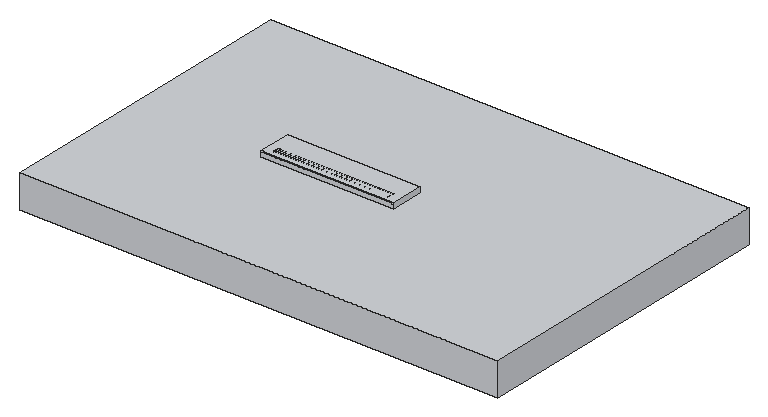
Revit family
Parameters
  Width = 1' - 0"
  URL = "www.coldspringgranite.com"
  TypicalJointSize = 0' - 0 1/4"
  StopCarborundumRight = 0' - 3"
  StopCarborundumLeft = 0' - 3"
  StoneMaterial = none
  SettingSpace = AirGap + Height  # 0' - 2 15/16"
  RightCarborundumVisibilityOn = not(RightCarborundumVisibilityOff)  # no
  RightCarborundumVisibilityOff = StopCarborundumRight > 0' 0"  # yes
  Product Name = "Stair Tread Stone for Veneered Application - Square Front Edge with Three Carborundum Strips"
  Product Documentation Link = "http://www.coldspringgranite.com/BIM_Families/Family_Detail/Stair_Tread_Stone_for_Veneered_Application_–_Square_Front_Edge_with_Three_Carborundum_Strips/"
  PhoneNumber = "800-551-7502"
  Notes = ""
  NosingRadius = 0' - 0 1/4"
  Model = "N/A"
  Manufacturer = "Cold Spring Granite Company"
  Low Emitting Material = yes
  Low Emitting Finish = yes
  Location = "17482 Granite West Road, Cold Spring, MN 56320-4578"
  Length = 4' - 0"
  LeftCarborundumVisibilityOff = StopCarborundumLeft > 0' 0"  # yes
  LEED Credit = ""
  Keynote = "096340"
  JointRightOff = no
  JointRight = if(JointRightOff, 0' 0", TypicalJointSize / 2)  # 0' - 0 1/8"
  JointLeftOff = no
  JointLeft = if(JointLeftOff, 0' 0", TypicalJointSize / 2)  # 0' - 0 1/8"
  Height = 0' - 1 15/16"
  Description = "Stone Stair Tread Veneer Square Triple Carborundum"
  Default Elevation = 0' - 0"
  CarborundumWidth = 0' - 0 3/8"
  LeftCarborundumVisibilityOn = not(LeftCarborundumVisibilityOff)  # no
  CarborundumSpacing = 0' - 0 1/2"
  CarborundumSetBack = 0' - 2"
  CarborundumDepth = 0' - 0 1/4"
  Assembly Code = "C2010100"
  AirGap = 0' - 1"
  ADA Compliant = yes
Reference planes (in)
  plane 1 "Center (Front/Back)": y = 0
  plane 2: z = 0
  plane 3 "Center (Left/Right)": x = 0
  plane 4 "StoneLeft": x = 0.125
  plane 5 "StoneRight": x = 47.875
  plane 6 "Right": x = 48
  plane 7 "CarborundumLeft": x = 3.125
  plane 8 "CarborundumRight": x = 44.875
  plane 9 "StoneBack": y = 12
  plane 10 "StoneFace": z = 2.9375
  plane 11 "CarborundumBottom": z = 2.6875
  plane 12 "StoneBottom": z = 1
  plane 13 "FirstCarborundumFront": y = 2
  plane 14 "FirstCarborundumBack": y = 2.375
  plane 15 "SecondCarborundumFront": y = 2.875
  plane 16 "SecondCarborundumBack": y = 3.25
  plane 17 "ThirdCarborundumFront": y = 3.75
  plane 18 "ThirdCarborundumBack": y = 4.125
Forms (in)
  Extrusion 1, solid
    sketch origin (0, 0, 0) x (1, 0, 0) y (0, 1, 0)
      loop
        line (-48, 64.5) -> (-48, -48) -> (124.0595, -48) -> (124.0595, 64.5) -> (-48, 64.5)
    from 0 to -12
  Extrusion 2, solid, material <- "StoneMaterial", detail levels medium+fine
    sketch origin (0, 0, 0) x (0, 1, 0) y (0, 0, 1)
      loop
        line (12, 2.9375) -> (0.25, 2.9375)
        arc (0.25, 2.9375) -> (0.07322, 2.86428) -> (0, 2.6875) r 0.25
        line (0, 2.6875) -> (0, 1) -> (12, 1) -> (12, 2.9375)
    from 0.125 to 47.875
  Extrusion 3, void
    sketch origin (0, 0, 0) x (0, 1, 0) y (0, 0, 1)
      loop
        line (2.375, 2.9375) -> (2, 2.9375) -> (2, 2.6875) -> (2.375, 2.6875) -> (2.375, 2.9375)
      loop
        line (3.25, 2.9375) -> (2.875, 2.9375) -> (2.875, 2.6875) -> (3.25, 2.6875) -> (3.25, 2.9375)
      loop
        line (4.125, 2.9375) -> (3.75, 2.9375) -> (3.75, 2.6875) -> (4.125, 2.6875) -> (4.125, 2.9375)
    from 3.125 to 44.875
  Extrusion 4, solid, material <- "StoneMaterial", detail levels coarse
    sketch origin (0, 0, 0) x (0, 1, 0) y (0, 0, 1)
      loop
        line (12, 2.9375) -> (0, 2.9375) -> (0, 1) -> (12, 1) -> (12, 2.9375)
    from 0 to 48
Cuts and joins
  Extrusion 3 cuts Extrusion 2
Lines and regions (in)
  Masking region 1, detail levels coarse
    outline origin (0, 0, 0) x (1, 0, 0) y (0, 1, 0)
      loop
        line (0, 12) -> (0, 0) -> (48, 0) -> (48, 12) -> (0, 12)
  Masking region 2, detail levels medium+fine
    outline origin (0, 0, 0) x (1, 0, 0) y (0, 1, 0)
      loop
        line (0.125, 12) -> (0.125, 0) -> (47.875, 0) -> (47.875, 12) -> (0.125, 12)
  Masking region 3, detail levels coarse
    outline origin (0, 0, 0) x (1, 0, 0) y (0, 0, 1)
      loop
        line (0, 2.9375) -> (0, 1) -> (48, 1) -> (48, 2.9375) -> (0, 2.9375)
  Masking region 4, detail levels medium+fine
    outline origin (0, 0, 0) x (1, 0, 0) y (0, 0, 1)
      loop
        line (0.125, 2.9375) -> (0.125, 1) -> (47.875, 1) -> (47.875, 2.9375) -> (0.125, 2.9375)
  Masking region 5, detail levels coarse
    outline origin (0, 0, 0) x (0, 1, 0) y (0, 0, 1)
      loop
        line (12, 2.9375) -> (0, 2.9375) -> (0, 1) -> (12, 1) -> (12, 2.9375)
  Masking region 6, detail levels fine
    outline origin (0, 0, 0) x (0, 1, 0) y (0, 0, 1)
      loop
        line (12, 2.9375) -> (4.125, 2.9375) -> (4.125, 2.6875) -> (3.75, 2.6875) -> (3.75, 2.9375) -> (3.25, 2.9375) -> (3.25, 2.6875) -> (2.875, 2.6875) -> (2.875, 2.9375) -> (2.375, 2.9375) -> (2.375, 2.6875) -> (2, 2.6875) -> (2, 2.9375) -> (0.25, 2.9375)
        arc (0.25, 2.9375) -> (0.07322, 2.86428) -> (0, 2.6875) r 0.25
        line (0, 2.6875) -> (0, 1) -> (12, 1) -> (12, 2.9375)
  Masking region 7, visible <- "LeftCarborundumVisibilityOn", detail levels medium
    outline origin (0, 0, 0) x (0, 1, 0) y (0, 0, 1)
      loop
        line (12, 1) -> (12, 2.9375) -> (4.125, 2.9375) -> (4.125, 2.6875) -> (3.75, 2.6875) -> (3.75, 2.9375) -> (3.25, 2.9375) -> (3.25, 2.6875) -> (2.875, 2.6875) -> (2.875, 2.9375) -> (2.375, 2.9375) -> (2.375, 2.6875) -> (2, 2.6875) -> (2, 2.9375) -> (0.25, 2.9375)
        arc (0.25, 2.9375) -> (0.07322, 2.86428) -> (0, 2.6875) r 0.25
        line (0, 2.6875) -> (0, 1) -> (12, 1)
  Masking region 8, visible <- "LeftCarborundumVisibilityOff", detail levels medium
    outline origin (0, 0, 0) x (0, 1, 0) y (0, 0, 1)
      loop
        line (12, 2.9375) -> (0.25, 2.9375)
        arc (0.25, 2.9375) -> (0.07322, 2.86428) -> (0, 2.6875) r 0.25
        line (0, 2.6875) -> (0, 1) -> (12, 1) -> (12, 2.9375)
  Masking region 9, visible <- "RightCarborundumVisibilityOn", detail levels medium
    outline origin (48, 0, 0) x (0, 1, 0) y (0, 0, 1)
      loop
        line (12, 2.9375) -> (4.125, 2.9375) -> (4.125, 2.6875) -> (3.75, 2.6875) -> (3.75, 2.9375) -> (3.25, 2.9375) -> (3.25, 2.6875) -> (2.875, 2.6875) -> (2.875, 2.9375) -> (2.375, 2.9375) -> (2.375, 2.6875) -> (2, 2.6875) -> (2, 2.9375) -> (0.25, 2.9375)
        arc (0.25, 2.9375) -> (0.07322, 2.86428) -> (0, 2.6875) r 0.25
        line (0, 2.6875) -> (0, 1) -> (12, 1) -> (12, 2.9375)
  Masking region 10, visible <- "RightCarborundumVisibilityOff", detail levels medium
    outline origin (48, 0, 0) x (0, 1, 0) y (0, 0, 1)
      loop
        arc (0.25, 2.9375) -> (0.07322, 2.86428) -> (0, 2.6875) r 0.25
        line (0, 2.6875) -> (0, 1) -> (12, 1) -> (12, 2.9375) -> (0.25, 2.9375)
  symbolic lines, detail levels medium+fine
    curve 1: line (3.125, 2.375, 0) -> (44.875, 2.375, 0)
    curve 2: line (3.125, 2, 0) -> (3.125, 2.375, 0)
    curve 3: line (44.875, 2, 0) -> (3.125, 2, 0)
    curve 4: line (44.875, 2.375, 0) -> (44.875, 2, 0)
    curve 5: line (44.875, 2.875, 0) -> (3.125, 2.875, 0)
    curve 6: line (44.875, 3.25, 0) -> (3.125, 3.25, 0)
    curve 7: line (44.875, 3.75, 0) -> (3.125, 3.75, 0)
    curve 8: line (44.875, 4.125, 0) -> (3.125, 4.125, 0)
    curve 9: line (3.125, 3.25, 0) -> (3.125, 2.875, 0)
    curve 10: line (44.875, 3.25, 0) -> (44.875, 2.875, 0)
    curve 11: line (44.875, 4.125, 0) -> (44.875, 3.75, 0)
    curve 12: line (3.125, 4.125, 0) -> (3.125, 3.75, 0)
Dimensions and locks (in)
  "Length": plane 3 "Center (Left/Right)" to plane 6 "Right"
  "JointLeft": plane 3 "Center (Left/Right)" to plane 4 "StoneLeft"
  "JointRight": plane 5 "StoneRight" to plane 6 "Right"
  "Width": plane 1 "Center (Front/Back)" to plane 9 "StoneBack"
  "StopCarborundumLeft": plane 7 "CarborundumLeft" to plane 4 "StoneLeft"
  "StopCarborundumRight": plane 5 "StoneRight" to plane 8 "CarborundumRight"
  "Height": plane 10 "StoneFace" to plane 12 "StoneBottom"
  "SettingSpace": plane 10 "StoneFace" to plane 2
  "CarborundumDepth": plane 10 "StoneFace" to plane 11 "CarborundumBottom"
  "CarborundumSetBack": plane 13 "FirstCarborundumFront" to plane 1 "Center (Front/Back)"
  "CarborundumWidth": plane 14 "FirstCarborundumBack" to plane 13 "FirstCarborundumFront"
  "CarborundumSpacing": plane 15 "SecondCarborundumFront" to plane 14 "FirstCarborundumBack"
  "CarborundumWidth": plane 16 "SecondCarborundumBack" to plane 15 "SecondCarborundumFront"
  "CarborundumSpacing": plane 17 "ThirdCarborundumFront" to plane 16 "SecondCarborundumBack"
  "CarborundumWidth": plane 18 "ThirdCarborundumBack" to plane 17 "ThirdCarborundumFront"
  "NosingRadius": radius of Extrusion 2 sketch curve
  aligned and locked: Extrusion 1 to plane 2
  aligned and locked: level to Extrusion 1
  aligned and locked: Extrusion 2 sketch curve to plane 10 "StoneFace"
  aligned and locked: Extrusion 2 sketch curve to plane 9 "StoneBack"
  aligned and locked: plane 12 "StoneBottom" to Extrusion 2 sketch curve
  aligned and locked: Extrusion 2 sketch curve to plane 1 "Center (Front/Back)"
  aligned and locked: plane 5 "StoneRight" to Extrusion 2
  aligned and locked: Extrusion 2 to plane 4 "StoneLeft"
  aligned and locked: Extrusion 3 sketch curve to plane 10 "StoneFace"  (x3)
  aligned and locked: Extrusion 3 sketch curve to plane 14 "FirstCarborundumBack"
  aligned and locked: plane 11 "CarborundumBottom" to Extrusion 3 sketch curve  (x3)
  aligned and locked: plane 13 "FirstCarborundumFront" to Extrusion 3 sketch curve
  aligned: Extrusion 3 to plane 4 "StoneLeft"
  aligned: plane 6 "Right" to Extrusion 3
  aligned and locked: Extrusion 3 to plane 7 "CarborundumLeft"
  aligned and locked: plane 8 "CarborundumRight" to Extrusion 3
  aligned and locked: Extrusion 4 sketch curve to plane 10 "StoneFace"
  aligned and locked: Extrusion 4 sketch curve to plane 9 "StoneBack"
  aligned and locked: plane 12 "StoneBottom" to Extrusion 4 sketch curve
  aligned and locked: Extrusion 4 sketch curve to plane 1 "Center (Front/Back)"
  aligned and locked: plane 6 "Right" to Extrusion 4
  aligned and locked: curve 1 to plane 14 "FirstCarborundumBack"
  aligned and locked: curve 4 to plane 8 "CarborundumRight"
  aligned and locked: plane 3 "Center (Left/Right)" to Masking region 1 sketch curve
  aligned and locked: Masking region 1 sketch curve to plane 9 "StoneBack"
  aligned and locked: Masking region 1 sketch curve to plane 6 "Right"
  aligned and locked: Masking region 1 sketch curve to plane 1 "Center (Front/Back)"
  aligned and locked: Masking region 2 to plane 4 "StoneLeft"
  aligned and locked: plane 9 "StoneBack" to Masking region 2
  aligned and locked: plane 5 "StoneRight" to Masking region 2
  aligned and locked: plane 1 "Center (Front/Back)" to Masking region 2
  aligned and locked: plane 3 "Center (Left/Right)" to Masking region 3 sketch curve
  aligned and locked: Masking region 3 sketch curve to plane 10 "StoneFace"
  aligned and locked: Masking region 3 sketch curve to plane 6 "Right"
  aligned and locked: plane 12 "StoneBottom" to Masking region 3 sketch curve
  aligned and locked: plane 4 "StoneLeft" to Masking region 4 sketch curve
  aligned and locked: Masking region 4 sketch curve to plane 10 "StoneFace"
  aligned and locked: Masking region 4 sketch curve to plane 5 "StoneRight"
  aligned and locked: plane 12 "StoneBottom" to Masking region 4 sketch curve
  aligned and locked: Masking region 5 sketch curve to plane 10 "StoneFace"
  aligned and locked: Masking region 5 sketch curve to plane 9 "StoneBack"
  aligned and locked: plane 12 "StoneBottom" to Masking region 5 sketch curve
  aligned and locked: Masking region 5 sketch curve to plane 1 "Center (Front/Back)"
  aligned and locked: plane 10 "StoneFace" to Masking region 6 sketch curve
  aligned and locked: plane 9 "StoneBack" to Masking region 6 sketch curve
  aligned and locked: plane 12 "StoneBottom" to Masking region 6 sketch curve
  aligned and locked: Masking region 6 sketch curve to cut or joined group of Extrusion 2, Extrusion 3
  aligned and locked: plane 13 "FirstCarborundumFront" to Masking region 6 sketch curve
  aligned and locked: plane 14 "FirstCarborundumBack" to Masking region 6 sketch curve
  aligned and locked: plane 11 "CarborundumBottom" to Masking region 6 sketch curve  (x2)
  aligned and locked: plane 9 "StoneBack" to Masking region 7 sketch curve
  aligned and locked: plane 10 "StoneFace" to Masking region 7 sketch curve
  aligned and locked: plane 14 "FirstCarborundumBack" to Masking region 7 sketch curve
  aligned and locked: plane 11 "CarborundumBottom" to Masking region 7 sketch curve  (x2)
  aligned and locked: plane 13 "FirstCarborundumFront" to Masking region 7 sketch curve
  aligned and locked: Masking region 7 sketch curve to cut or joined group of Extrusion 2, Extrusion 3
  aligned and locked: plane 12 "StoneBottom" to Masking region 7 sketch curve
  aligned and locked: plane 10 "StoneFace" to Masking region 8 sketch curve
  aligned and locked: Masking region 8 sketch curve to cut or joined group of Extrusion 2, Extrusion 3
  aligned and locked: plane 12 "StoneBottom" to Masking region 8 sketch curve
  aligned and locked: plane 9 "StoneBack" to Masking region 8 sketch curve
  aligned and locked: Masking region 9 sketch curve to plane 9 "StoneBack"
  aligned and locked: Masking region 9 sketch curve to plane 1 "Center (Front/Back)"
  aligned and locked: Masking region 9 sketch curve to cut or joined group of Extrusion 2, Extrusion 3
  aligned and locked: Masking region 9 sketch curve to plane 12 "StoneBottom"
  aligned and locked: Masking region 9 sketch curve to plane 13 "FirstCarborundumFront"
  aligned and locked: Masking region 9 sketch curve to plane 11 "CarborundumBottom"  (x2)
  aligned and locked: Masking region 9 sketch curve to plane 14 "FirstCarborundumBack"
  aligned and locked: Masking region 10 sketch curve to plane 9 "StoneBack"
  aligned and locked: Masking region 10 sketch curve to plane 12 "StoneBottom"
  aligned and locked: Masking region 10 sketch curve to plane 1 "Center (Front/Back)"
  aligned and locked: Masking region 10 sketch curve to cut or joined group of Extrusion 2, Extrusion 3
  aligned and locked: plane 16 "SecondCarborundumBack" to Extrusion 3 sketch curve
  aligned and locked: Extrusion 3 sketch curve to plane 15 "SecondCarborundumFront"
  aligned and locked: Extrusion 3 sketch curve to plane 17 "ThirdCarborundumFront"
  aligned and locked: plane 18 "ThirdCarborundumBack" to Extrusion 3 sketch curve
  aligned and locked: plane 18 "ThirdCarborundumBack" to Masking region 7 sketch curve
  aligned and locked: plane 17 "ThirdCarborundumFront" to Masking region 7 sketch curve
  aligned and locked: plane 16 "SecondCarborundumBack" to Masking region 7 sketch curve
  aligned and locked: plane 15 "SecondCarborundumFront" to Masking region 7 sketch curve
  aligned and locked: curve 6 to plane 16 "SecondCarborundumBack"
  aligned and locked: curve 7 to plane 17 "ThirdCarborundumFront"
  aligned and locked: plane 7 "CarborundumLeft" to curve 5
  aligned and locked: plane 7 "CarborundumLeft" to curve 1
  aligned and locked: plane 7 "CarborundumLeft" to curve 3
  aligned and locked: plane 8 "CarborundumRight" to curve 3
  aligned and locked: plane 8 "CarborundumRight" to curve 8
  aligned and locked: plane 15 "SecondCarborundumFront" to curve 9
  aligned and locked: plane 16 "SecondCarborundumBack" to curve 9
  aligned and locked: plane 17 "ThirdCarborundumFront" to curve 12
  aligned and locked: plane 18 "ThirdCarborundumBack" to curve 12
  aligned and locked: plane 15 "SecondCarborundumFront" to curve 10
  aligned and locked: plane 18 "ThirdCarborundumBack" to curve 11
  aligned and locked: plane 18 "ThirdCarborundumBack" to Masking region 6 sketch curve
  aligned and locked: plane 17 "ThirdCarborundumFront" to Masking region 6 sketch curve
  aligned and locked: plane 16 "SecondCarborundumBack" to Masking region 6 sketch curve
  aligned and locked: plane 15 "SecondCarborundumFront" to Masking region 6 sketch curve
  aligned and locked: Masking region 9 sketch curve to plane 15 "SecondCarborundumFront"
  aligned and locked: Masking region 9 sketch curve to plane 16 "SecondCarborundumBack"
  aligned and locked: Masking region 9 sketch curve to plane 17 "ThirdCarborundumFront"
  aligned and locked: Masking region 9 sketch curve to plane 18 "ThirdCarborundumBack"
  aligned and locked: plane 7 "CarborundumLeft" to curve 8
  aligned and locked: plane 7 "CarborundumLeft" to curve 7
  aligned and locked: plane 7 "CarborundumLeft" to curve 6
  aligned and locked: plane 13 "FirstCarborundumFront" to curve 2
  aligned and locked: plane 8 "CarborundumRight" to curve 7
  aligned and locked: plane 8 "CarborundumRight" to curve 6
  aligned and locked: plane 8 "CarborundumRight" to curve 5
  aligned and locked: plane 14 "FirstCarborundumBack" to curve 4
  aligned and locked: plane 13 "FirstCarborundumFront" to curve 4
  aligned and locked: Masking region 7 to plane 11 "CarborundumBottom"
  aligned and locked: Masking region 6 to plane 11 "CarborundumBottom"
  aligned and locked: Masking region 9 to plane 11 "CarborundumBottom"
  aligned and locked: Extrusion 4 to plane 3 "Center (Left/Right)"
Automatic sketch dimensions
  Extrusion 1 sketch curve to Extrusion 1 sketch curve = 14' - 4.0595"
  Extrusion 1 sketch curve to Extrusion 1 sketch curve = 9' - 4 1/2"
  plane 3 "Center (Left/Right)" to Masking region 2 sketch curve = 0' - 0 1/8"
  Masking region 2 sketch curve to plane 6 "Right" = 0' - 0 1/8"
  plane 1 "Center (Front/Back)" to Masking region 2 sketch curve = 0' - 0"
  plane 9 "StoneBack" to Masking region 2 sketch curve = 0' - 0"
  Masking region 9 sketch curve to Masking region 9 sketch curve = 0' - 0"  (x4)
  Masking region 7 sketch curve to Masking region 7 sketch curve = 0' - 0"  (x2)
  Masking region 7 sketch curve to plane 11 "CarborundumBottom" = 0' - 0"
  Masking region 6 sketch curve to Masking region 6 sketch curve = 0' - 0"  (x3)
Nested families (in)
  nested 1: "CopyRight" at (0, 0, 0), type "CopyRight"
Definition of nested family "CopyRight"
  Parameters (values of type "CopyRight")
    CopyRight = "Cold Spring Granite Company"
  Reference planes (in)
    plane 1: z = 0
